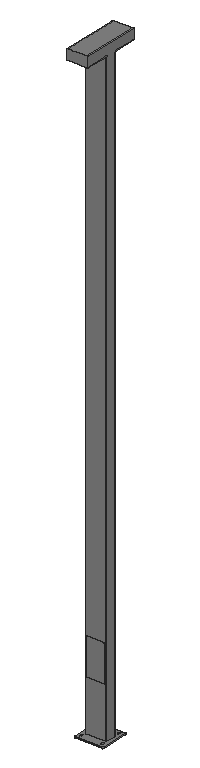
Revit family "Супремус В", category Осветительные приборы, Revit 2019 (continued)
Types (7, lengths in mm): name | Файл фотометрической сетки | built-in parameter 1150105 | Lumens | built-in parameter 1150106 | built-in parameter 1150142 | Wattage | L_общая рассеиватели | ADSK_Фактическая мощность | ADSK_Размер_Высота | ADSK_Номинальная мощность | ADSK_Наименование | ADSK_Масса_Текст | ADSK_Масса | ADSK_Артикул | 2
    0.0 0.0 0.0 0.0 0.0 0.0 0.0 0.0 0.0 0.0 0.0 0.0 0.0 0.0 0.0 0.0 0.0 0.0 0.0 0.0 0.0\r\n 0.0 0.0 0.0 0.0 0.0 0.0 0.0 0.0 0.0 0.0 0.0 0.0 0.0 0.0 0.0 0.0 0.0 0.0 0.0 0.0 0.0 0.0 0.0 0.0 0.0 0.0 0.0 0.0 0.0 0.0 0.0 0.0\r\n 0.0 0.0 0.0 0.0 0.0\r\n275.6 273.7 271.8 269.8 267.9 265.9 264.0 262.0 260.0 257.9 255.6 253.3 251.0 248.8 246.1 243.5 240.4 237.2 233.8 230.1 226.8\r\n 223.3 220.1 217.1 214.2 211.4 209.0 206.5 203.6 200.6 197.6 194.5 191.5 188.3 185.1 181.9 178.6 175.4 171.7 167.9 164.1 160.3\r\n 157.0 153.7 150.5 147.5 144.5 141.6 138.7 135.8 133.1 130.7 128.9 127.4 126.3 124.5 122.6 120.8 119.4 117.7 115.8 113.8 111.8\r\n 109.5 107.1 104.6 102.1 99.7 97.4 95.1 92.7 90.3 87.8 85.5 83.3 81.3 79.2 77.1 75.0 73.0 71.0 69.0 67.0 65.2 63.2 61.2 59.1 57.1\r\n 55.1 53.0 51.0 49.2 47.5 46.0 44.6 43.3 42.0 40.8 39.9 39.1 38.3 37.6 37.1 36.7 36.5 36.3 36.0 35.7 35.2 34.6 34.1 33.7 33.4 33.4\r\n 33.6 34.1 33.9 32.6 31.7 30.9 30.3 29.9 29.4 28.7 28.0 27.5 27.1 26.8 26.9 27.3 28.1 28.9 30.1 32.0 34.5 37.0 39.1 40.8 41.2 42.0\r\n 42.7 42.8 42.6 41.8 41.0 40.2 39.3 38.3 37.3 36.3 35.4 35.4 35.9 35.3 34.7 33.9 33.8 33.5 33.0 32.0 31.2 29.9 28.3 26.9 25.6 24.7\r\n 23.8 23.0 22.0 21.1 20.2 19.2 18.1 16.7 14.9 13.3 12.3 11.2 10.0 8.9 8.1 7.5 6.9 6.5 6.6 6.1 5.8 5.8 5.3 5.3 4.3 3.9 3.8 3.6 3.7\r\n 3.7 3.4 3.2 2.3 2.1 1.8 0.0 0.0 0.0 0.0 0.0 0.0 0.0 0.0 0.0 0.0 0.0 0.0 0.0 0.0 0.0 0.0 0.0 0.0 0.0 0.0 0.0 0.0 0.0 0.0 0.0 0.0\r\n 0.0 0.0 0.0 0.0 0.0 0.0 0.0 0.0 0.0 0.0 0.0 0.0 0.0 0.0 0.0 0.0 0.0 0.0 0.0 0.0 0.0 0.0 0.0 0.0 0.0 0.0 0.0 0.0 0.0 0.0 0.0 0.0\r\n 0.0 0.0 0.0 0.0 0.0 0.0 0.0 0.0 0.0 0.0 0.0 0.0 0.0 0.0 0.0 0.0 0.0 0.0 0.0 0.0 0.0 0.0 0.0 0.0 0.0 0.0 0.0 0.0 0.0 0.0 0.0 0.0\r\n 0.0 0.0 0.0 0.0 0.0 0.0 0.0 0.0 0.0 0.0 0.0 0.0 0.0 0.0 0.0 0.0 0.0 0.0 0.0 0.0 0.0 0.0 0.0 0.0 0.0 0.0 0.0 0.0 0.0 0.0 0.0 0.0\r\n 0.0 0.0 0.0 0.0 0.0 0.0 0.0 0.0 0.0 0.0 0.0 0.0 0.0 0.0 0.0 0.0 0.0 0.0 0.0 0.0 0.0 0.0 0.0 0.0 0.0 0.0 0.0 0.0 0.0 0.0 0.0 0.0\r\n 0.0 0.0 0.0 0.0 0.0 0.0\r\n275.6 274.0 272.1 270.3 268.4 266.6 264.6 262.9 261.0 259.1 257.1 254.9 252.7 250.4 248.0 245.7 243.1 240.2 237.2 234.1 230.9\r\n 227.5 224.1 221.0 218.1 215.2 212.5 210.1 207.6 205.1 202.5 199.5 196.8 194.1 191.3 188.5 185.6 182.6 179.7 176.8 173.7 170.4\r\n 167.1 163.7 160.4 157.2 154.4 151.6 149.0 146.4 143.9 141.5 139.1 136.7 134.5 132.4 130.5 129.1 127.6 126.3 125.0 123.7 122.2\r\n 120.7 119.1 117.3 115.4 113.4 111.3 109.2 107.0 104.7 102.5 100.4 98.3 96.1 93.9 91.6 89.3 87.0 84.8 82.6 80.5 78.5 76.6 74.8\r\n 73.0 71.3 69.4 67.4 65.5 63.7 61.8 60.1 58.4 56.6 54.7 53.1 51.6 50.4 49.3 48.3 47.3 46.3 45.5 45.1 44.6 44.0 43.7 43.2 42.7 42.4\r\n 41.9 41.5 41.0 40.5 40.5 40.8 41.1 40.8 40.2 39.6 38.9 38.4 38.0 37.7 37.4 37.1 36.7 36.3 36.0 35.9 36.1 36.5 37.0 37.5 38.7 40.3\r\n 41.7 42.9 43.7 45.3 47.0 48.8 49.4 49.4 49.3 48.6 47.4 46.0 44.8 43.9 42.8 41.3 40.0 38.5 37.7 37.3 36.5 35.8 34.9 33.8 32.3 30.4\r\n 28.6 26.8 25.2 23.6 22.1 20.8 19.6 18.4 17.2 16.0 14.3 12.4 11.0 9.8 8.5 7.3 6.5 6.0 5.5 5.1 4.9 4.9 4.8 4.7 4.4 4.0 3.5 3.3 3.2\r\n 3.2 3.0 2.9 2.7 2.1 2.0 1.7 1.5 0.0 0.0 0.0 0.0 0.0 0.0 0.0 0.0 0.0 0.0 0.0 0.0 0.0 0.0 0.0 0.0 0.0 0.0 0.0 0.0 0.0 0.0 0.0 0.0\r\n 0.0 0.0 0.0 0.0 0.0 0.0 0.0 0.0 0.0 0.0 0.0 0.0 0.0 0.0 0.0 0.0 0.0 0.0 0.0 0.0 0.0 0.0 0.0 0.0 0.0 0.0 0.0 0.0 0.0 0.0 0.0 0.0\r\n 0.0 0.0 0.0 0.0 0.0 0.0 0.0 0.0 0.0 0.0 0.0 0.0 0.0 0.0 0.0 0.0 0.0 0.0 0.0 0.0 0.0 0.0 0.0 0.0 0.0 0.0 0.0 0.0 0.0 0.0 0.0 0.0\r\n 0.0 0.0 0.0 0.0 0.0 0.0 0.0 0.0 0.0 0.0 0.0 0.0 0.0 0.0 0.0 0.0 0.0 0.0 0.0 0.0 0.0 0.0 0.0 0.0 0.0 0.0 0.0 0.0 0.0 0.0 0.0 0.0\r\n 0.0 0.0 0.0 0.0 0.0 0.0 0.0 0.0 0.0 0.0 0.0 0.0 0.0 0.0 0.0 0.0 0.0 0.0 0.0 0.0 0.0 0.0 0.0 0.0 0.0 0.0 0.0 0.0 0.0 0.0 0.0 0.0\r\n 0.0 0.0 0.0 0.0 0.0 0.0 0.0 0.0\r\n275.6 274.1 272.5 270.6 269.1 267.3 265.5 264.1 262.1 260.4 258.7 256.7 254.6 252.5 250.2 248.0 245.9 243.5 241.0 238.4 235.6\r\n 232.7 229.7 226.6 223.5 220.5 217.8 215.0 212.3 209.8 207.4 205.1 202.8 200.4 197.9 195.4 193.0 190.5 188.1 185.7 183.1 180.5\r\n 177.9 175.1 172.5 169.8 167.1 164.3 161.6 158.9 156.3 153.9 151.7 149.6 147.9 146.2 144.6 142.7 141.1 139.4 137.8 136.4 134.8\r\n 133.4 132.3 131.1 129.6 128.1 126.7 125.0 123.3 121.8 120.0 118.2 116.4 114.5 112.6 110.8 109.1 107.4 105.8 104.2 102.6 101.0\r\n 99.4 97.8 96.1 94.5 92.6 90.8 89.1 87.3 85.7 84.1 82.3 80.6 79.0 77.5 76.1 74.8 73.5 72.4 71.5 70.4 69.1 68.2 67.1 66.2 65.2 64.3\r\n 63.5 62.8 62.0 61.3 60.8 60.4 60.2 60.0 59.7 59.5 59.3 58.8 58.6 58.4 57.8 57.2 56.7 56.2 55.7 55.2 54.5 53.9 53.3 53.0 52.7 52.5\r\n 52.5 52.4 52.3 52.4 52.9 53.4 53.9 54.8 56.1 57.5 58.5 59.5 60.3 61.2 61.2 61.1 60.8 60.0 58.4 55.4 52.5 50.2 48.1 45.9 43.5 40.9\r\n 38.5 36.2 33.8 31.6 29.6 27.6 25.6 23.7 21.8 19.9 18.4 17.0 15.5 14.0 11.9 9.9 8.8 7.7 6.9 6.1 5.5 5.1 4.7 4.5 4.7 4.7 4.3 3.7\r\n 3.3 3.0 3.2 3.0 2.7 2.4 2.0 1.9 1.6 1.4 1.3 0.0 0.0 0.0 0.0 0.0 0.0 0.0 0.0 0.0 0.0 0.0 0.0 0.0 0.0 0.0 0.0 0.0 0.0 0.0 0.0 0.0\r\n 0.0 0.0 0.0 0.0 0.0 0.0 0.0 0.0 0.0 0.0 0.0 0.0 0.0 0.0 0.0 0.0 0.0 0.0 0.0 0.0 0.0 0.0 0.0 0.0 0.0 0.0 0.0 0.0 0.0 0.0 0.0 0.0\r\n 0.0 0.0 0.0 0.0 0.0 0.0 0.0 0.0 0.0 0.0 0.0 0.0 0.0 0.0 0.0 0.0 0.0 0.0 0.0 0.0 0.0 0.0 0.0 0.0 0.0 0.0 0.0 0.0 0.0 0.0 0.0 0.0\r\n 0.0 0.0 0.0 0.0 0.0 0.0 0.0 0.0 0.0 0.0 0.0 0.0 0.0 0.0 0.0 0.0 0.0 0.0 0.0 0.0 0.0 0.0 0.0 0.0 0.0 0.0 0.0 0.0 0.0 0.0 0.0 0.0\r\n 0.0 0.0 0.0 0.0 0.0 0.0 0.0 0.0 0.0 0.0 0.0 0.0 0.0 0.0 0.0 0.0 0.0 0.0 0.0 0.0 0.0 0.0 0.0 0.0 0.0 0.0 0.0 0.0 0.0 0.0 0.0 0.0\r\n 0.0 0.0 0.0 0.0 0.0 0.0 0.0 0.0 0.0 0.0 0.0\r\n275.6 274.2 272.7 271.1 269.7 268.1 266.5 264.9 263.4 261.7 260.1 258.5 256.5 254.6 252.6 250.5 248.5 246.5 244.4 242.2 239.9\r\n 237.4 234.9 232.2 229.4 226.6 223.8 221.1 218.4 215.8 213.2 210.8 208.5 206.2 204.1 201.9 199.9 197.7 195.3 193.2 191.2 188.9\r\n 187.1 185.2 183.2 181.2 179.1 177.0 174.9 173.0 171.0 169.2 167.5 165.7 164.0 162.3 160.8 159.3 157.9 156.6 155.2 154.2 153.1\r\n 151.8 150.5 149.3 148.0 146.6 145.1 143.4 141.6 139.9 138.2 136.8 135.5 134.4 133.3 132.3 131.3 130.1 129.0 127.8 126.6 125.2\r\n 123.8 122.4 121.0 119.6 118.2 116.8 115.6 114.6 113.1 111.9 110.5 109.6 108.3 107.1 106.2 105.5 104.5 103.3 102.3 101.4 100.4\r\n 99.3 98.1 97.1 95.9 94.8 93.8 92.9 92.0 91.4 90.7 90.2 89.6 89.1 88.5 88.0 87.8 87.5 87.4 87.5 87.2 86.8 86.9 86.5 85.9 85.5 85.1\r\n 84.8 84.5 84.2 83.8 83.3 82.6 82.2 81.9 81.3 80.9 80.7 80.1 79.8 79.5 79.2 78.0 76.8 75.6 74.2 72.3 69.7 67.1 63.8 60.6 55.9 50.9\r\n 46.6 42.4 38.5 35.5 33.1 30.8 29.0 27.5 26.3 25.4 24.4 23.6 22.7 21.6 20.7 20.0 19.0 18.1 16.9 15.5 13.4 11.1 9.5 7.9 6.8 6.0 5.3\r\n 4.7 4.2 3.8 3.4 3.4 3.2 3.3 2.9 2.8 2.6 2.3 2.0 1.7 1.5 1.4 1.2 1.2 0.0 0.0 0.0 0.0 0.0 0.0 0.0 0.0 0.0 0.0 0.0 0.0 0.0 0.0 0.0\r\n 0.0 0.0 0.0 0.0 0.0 0.0 0.0 0.0 0.0 0.0 0.0 0.0 0.0 0.0 0.0 0.0 0.0 0.0 0.0 0.0 0.0 0.0 0.0 0.0 0.0 0.0 0.0 0.0 0.0 0.0 0.0 0.0\r\n 0.0 0.0 0.0 0.0 0.0 0.0 0.0 0.0 0.0 0.0 0.0 0.0 0.0 0.0 0.0 0.0 0.0 0.0 0.0 0.0 0.0 0.0 0.0 0.0 0.0 0.0 0.0 0.0 0.0 0.0 0.0 0.0\r\n 0.0 0.0 0.0 0.0 0.0 0.0 0.0 0.0 0.0 0.0 0.0 0.0 0.0 0.0 0.0 0.0 0.0 0.0 0.0 0.0 0.0 0.0 0.0 0.0 0.0 0.0 0.0 0.0 0.0 0.0 0.0 0.0\r\n 0.0 0.0 0.0 0.0 0.0 0.0 0.0 0.0 0.0 0.0 0.0 0.0 0.0 0.0 0.0 0.0 0.0 0.0 0.0 0.0 0.0 0.0 0.0 0.0 0.0 0.0 0.0 0.0 0.0 0.0 0.0 0.0\r\n 0.0 0.0 0.0 0.0 0.0 0.0 0.0 0.0 0.0 0.0 0.0 0.0 0.0 0.0 0.0 0.0 0.0\r\n275.6 274.5 273.1 271.8 270.3 269.0 267.6 266.3 264.7 263.4 261.8 260.1 258.7 257.0 255.2 253.4 251.8 249.9 247.9 246.0 244.1\r\n 242.0 239.9 237.7 235.5 233.3 231.0 228.6 226.3 223.8 221.5 219.0 216.5 214.2 211.9 209.7 207.4 205.3 203.3 201.5 199.8 198.0\r\n 196.3 194.6 193.1 191.7 190.5 189.2 188.1 187.1 186.2 185.1 183.9 182.8 181.7 180.7 179.6 178.5 177.6 176.7 175.9 174.8 174.0\r\n 173.1 172.0 170.9 169.5 168.4 166.8 165.4 164.0 162.6 161.5 160.4 159.5 158.7 157.8 156.9 156.0 155.1 154.3 153.4 152.4 151.3\r\n 150.2 149.3 148.4 147.6 146.9 146.7 145.9 145.0 144.3 143.6 142.5 141.6 141.4 140.7 139.8 138.8 137.9 137.0 135.8 134.8 133.9\r\n 133.0 132.1 131.3 130.5 129.8 129.1 128.4 127.9 127.5 127.1 126.7 126.6 126.4 126.3 126.0 125.8 125.5 125.1 125.0 124.8 124.1\r\n 123.4 122.7 122.2 121.7 121.3 121.1 120.6 120.0 119.3 118.6 118.0 117.0 115.8 114.3 112.6 110.5 107.9 104.6 100.9 97.1 93.2 89.6\r\n 85.0 79.4 74.0 69.0 63.4 56.9 50.6 45.2 40.6 37.4 35.3 33.5 32.1 30.9 30.1 29.4 28.7 27.9 26.9 25.6 24.1 22.6 20.9 19.1 17.5 16.1\r\n 14.7 13.3 11.7 10.4 9.3 7.9 6.4 5.5 4.9 4.3 3.8 3.4 3.0 2.6 2.3 2.3 2.3 2.3 2.3 2.0 1.7 1.4 1.4 1.3 1.3 1.2 1.2 0.0 0.0 0.0 0.0\r\n 0.0 0.0 0.0 0.0 0.0 0.0 0.0 0.0 0.0 0.0 0.0 0.0 0.0 0.0 0.0 0.0 0.0 0.0 0.0 0.0 0.0 0.0 0.0 0.0 0.0 0.0 0.0 0.0 0.0 0.0 0.0 0.0\r\n 0.0 0.0 0.0 0.0 0.0 0.0 0.0 0.0 0.0 0.0 0.0 0.0 0.0 0.0 0.0 0.0 0.0 0.0 0.0 0.0 0.0 0.0 0.0 0.0 0.0 0.0 0.0 0.0 0.0 0.0 0.0 0.0\r\n 0.0 0.0 0.0 0.0 0.0 0.0 0.0 0.0 0.0 0.0 0.0 0.0 0.0 0.0 0.0 0.0 0.0 0.0 0.0 0.0 0.0 0.0 0.0 0.0 0.0 0.0 0.0 0.0 0.0 0.0 0.0 0.0\r\n 0.0 0.0 0.0 0.0 0.0 0.0 0.0 0.0 0.0 0.0 0.0 0.0 0.0 0.0 0.0 0.0 0.0 0.0 0.0 0.0 0.0 0.0 0.0 0.0 0.0 0.0 0.0 0.0 0.0 0.0 0.0 0.0\r\n 0.0 0.0 0.0 0.0 0.0 0.0 0.0 0.0 0.0 0.0 0.0 0.0 0.0 0.0 0.0 0.0 0.0 0.0 0.0 0.0 0.0 0.0 0.0 0.0 0.0 0.0 0.0 0.0\r\n275.6 274.6 273.5 272.3 271.1 269.8 268.7 267.3 266.1 264.8 263.5 261.9 260.6 259.2 257.7 256.3 254.8 253.2 251.7 250.0 248.2\r\n 246.4 244.5 242.6 240.7 238.9 237.2 235.3 233.4 231.6 229.6 227.4 225.3 223.1 221.1 219.3 217.2 215.3 213.5 211.6 210.0 208.4\r\n 206.9 205.7 204.4 203.3 202.3 201.3 200.4 199.6 199.1 198.7 198.2 197.7 197.3 196.7 196.4 195.9 195.6 195.3 195.2 194.9 194.3\r\n 193.7 193.2 192.6 191.7 191.0 190.3 189.5 188.8 188.1 187.4 186.9 186.2 185.8 185.2 184.6 184.1 183.4 182.9 182.4 182.0 181.5\r\n 181.2 180.9 180.7 180.8 180.8 180.1 179.4 179.1 178.7 178.4 178.5 178.4 177.6 176.8 176.2 175.4 174.3 173.3 172.4 171.8 171.2\r\n 170.6 170.1 169.6 169.3 169.0 168.7 168.4 168.1 167.9 167.8 167.6 167.5 167.5 167.4 167.2 167.0 166.6 166.2 165.8 165.4 164.8\r\n 164.4 164.2 164.0 163.6 163.1 162.4 161.6 160.3 159.0 157.3 155.4 153.1 150.1 146.5 142.0 137.0 132.0 126.4 119.6 112.2 104.8\r\n 97.6 90.1 83.2 76.7 71.3 66.4 63.0 59.7 57.8 56.7 55.2 53.5 51.5 48.9 46.0 42.6 39.0 35.1 31.3 27.8 24.6 21.8 19.0 16.6 14.5 12.7\r\n 11.2 9.8 8.6 7.5 6.6 5.9 5.3 4.5 3.7 3.3 3.1 2.9 2.6 2.3 2.1 2.0 1.9 1.7 1.5 1.4 1.3 1.2 1.1 1.1 1.1 1.2 1.2 1.2 0.0 0.0 0.0 0.0\r\n 0.0 0.0 0.0 0.0 0.0 0.0 0.0 0.0 0.0 0.0 0.0 0.0 0.0 0.0 0.0 0.0 0.0 0.0 0.0 0.0 0.0 0.0 0.0 0.0 0.0 0.0 0.0 0.0 0.0 0.0 0.0 0.0\r\n 0.0 0.0 0.0 0.0 0.0 0.0 0.0 0.0 0.0 0.0 0.0 0.0 0.0 0.0 0.0 0.0 0.0 0.0 0.0 0.0 0.0 0.0 0.0 0.0 0.0 0.0 0.0 0.0 0.0 0.0 0.0 0.0\r\n 0.0 0.0 0.0 0.0 0.0 0.0 0.0 0.0 0.0 0.0 0.0 0.0 0.0 0.0 0.0 0.0 0.0 0.0 0.0 0.0 0.0 0.0 0.0 0.0 0.0 0.0 0.0 0.0 0.0 0.0 0.0 0.0\r\n 0.0 0.0 0.0 0.0 0.0 0.0 0.0 0.0 0.0 0.0 0.0 0.0 0.0 0.0 0.0 0.0 0.0 0.0 0.0 0.0 0.0 0.0 0.0 0.0 0.0 0.0 0.0 0.0 0.0 0.0 0.0 0.0\r\n 0.0 0.0 0.0 0.0 0.0 0.0 0.0 0.0 0.0 0.0 0.0 0.0 0.0 0.0 0.0 0.0 0.0 0.0 0.0 0.0 0.0 0.0 0.0 0.0 0.0 0.0 0.0 0.0\r\n275.6 274.9 273.9 272.9 272.0 270.8 269.8 268.8 267.7 266.6 265.4 264.1 262.9 261.6 260.3 259.1 257.8 256.6 255.2 253.9 252.5\r\n 251.0 249.6 247.9 246.4 244.8 243.2 241.7 240.0 238.2 236.9 235.3 233.9 232.6 231.1 229.8 228.3 227.1 225.6 224.3 223.0 222.0\r\n 220.7 219.7 218.6 217.8 216.9 216.0 215.4 214.7 214.0 213.5 213.1 212.6 212.3 211.7 211.4 211.3 211.2 211.1 211.0 210.8 210.8\r\n 210.8 210.7 210.7 210.6 210.8 210.8 210.8 210.9 211.1 211.3 211.4 211.5 211.5 211.5 211.4 211.4 211.5 211.7 211.9 211.9 212.1\r\n 212.3 212.6 213.2 213.5 213.4 213.3 213.4 213.4 213.8 214.1 213.9 213.2 212.9 212.5 211.9 211.5 211.3 211.1 211.0 210.9 210.9\r\n 210.9 210.8 210.8 210.8 210.8 210.9 211.0 211.0 211.1 211.3 211.7 212.3 212.9 213.3 213.6 214.1 214.4 214.6 214.7 214.8 214.7\r\n 214.4 214.2 213.8 213.2 211.9 210.0 207.8 204.8 201.7 198.5 194.3 189.5 184.1 178.3 172.2 165.8 157.9 150.2 142.1 134.7 127.3\r\n 119.8 112.4 106.8 103.0 100.5 98.7 97.7 96.6 94.1 89.8 83.3 75.8 67.4 59.0 50.9 42.7 35.4 29.7 25.2 21.8 18.9 16.4 14.1 12.1 10.4\r\n 9.0 8.0 7.0 6.3 5.6 4.9 4.2 3.7 3.4 3.2 3.1 3.0 2.6 2.3 2.1 2.0 1.8 1.6 1.4 1.2 1.1 1.1 1.1 1.1 1.1 1.1 1.2 1.2 1.2 0.0 0.0 0.0\r\n 0.0 0.0 0.0 0.0 0.0 0.0 0.0 0.0 0.0 0.0 0.0 0.0 0.0 0.0 0.0 0.0 0.0 0.0 0.0 0.0 0.0 0.0 0.0 0.0 0.0 0.0 0.0 0.0 0.0 0.0 0.0 0.0\r\n 0.0 0.0 0.0 0.0 0.0 0.0 0.0 0.0 0.0 0.0 0.0 0.0 0.0 0.0 0.0 0.0 0.0 0.0 0.0 0.0 0.0 0.0 0.0 0.0 0.0 0.0 0.0 0.0 0.0 0.0 0.0 0.0\r\n 0.0 0.0 0.0 0.0 0.0 0.0 0.0 0.0 0.0 0.0 0.0 0.0 0.0 0.0 0.0 0.0 0.0 0.0 0.0 0.0 0.0 0.0 0.0 0.0 0.0 0.0 0.0 0.0 0.0 0.0 0.0 0.0\r\n 0.0 0.0 0.0 0.0 0.0 0.0 0.0 0.0 0.0 0.0 0.0 0.0 0.0 0.0 0.0 0.0 0.0 0.0 0.0 0.0 0.0 0.0 0.0 0.0 0.0 0.0 0.0 0.0 0.0 0.0 0.0 0.0\r\n 0.0 0.0 0.0 0.0 0.0 0.0 0.0 0.0 0.0 0.0 0.0 0.0 0.0 0.0 0.0 0.0 0.0 0.0 0.0 0.0 0.0 0.0 0.0 0.0 0.0 0.0 0.0 0.0 0.0\r\n275.6 275.1 274.4 273.6 272.7 271.8 271.0 270.0 269.2 268.1 267.0 266.1 265.0 264.0 262.9 261.9 260.7 259.6 258.5 257.4 256.1\r\n 254.9 253.8 252.4 251.3 250.1 248.9 247.6 246.5 245.2 244.0 242.8 241.9 240.9 239.9 239.2 238.2 237.3 236.6 235.9 235.3 234.8\r\n 234.4 233.9 233.5 233.1 232.9 232.5 231.9 231.4 231.1 230.6 230.3 229.9 229.6 229.4 229.3 228.9 228.8 228.6 228.4 228.4 228.5\r\n 228.6 228.7 229.1 229.5 229.9 230.2 230.7 231.0 231.6 232.2 232.7 233.1 233.6 234.2 234.7 235.3 235.9 236.4 237.0 237.6 238.4\r\n 239.4 240.8 241.7 242.1 242.5 243.2 244.1 245.1 245.5 245.4 245.4 245.5 245.4 245.5 245.8 245.9 246.1 246.5 246.8 247.3 247.7\r\n 248.0 248.5 249.0 249.3 249.7 249.8 250.3 251.0 251.9 252.8 253.8 254.7 255.6 256.4 256.7 256.9 256.7 256.4 256.1 256.1 256.0\r\n 255.6 254.6 252.8 250.7 248.2 244.7 240.1 235.1 230.0 225.0 220.1 215.3 210.0 204.1 198.6 192.8 186.7 180.9 175.4 169.7 164.5\r\n 160.1 156.9 155.3 154.2 151.0 146.1 139.0 128.6 115.3 100.4 85.0 70.6 60.0 49.4 38.7 32.0 27.0 22.7 18.9 15.7 13.2 11.2 9.7 8.5\r\n 7.6 6.8 6.0 5.4 4.7 4.2 3.6 3.2 3.0 2.9 2.8 2.6 2.5 2.4 2.2 1.8 1.6 1.4 1.2 1.1 1.0 1.0 1.0 1.0 1.0 1.1 1.1 1.1 1.2 1.2 0.0 0.0\r\n 0.0 0.0 0.0 0.0 0.0 0.0 0.0 0.0 0.0 0.0 0.0 0.0 0.0 0.0 0.0 0.0 0.0 0.0 0.0 0.0 0.0 0.0 0.0 0.0 0.0 0.0 0.0 0.0 0.0 0.0 0.0 0.0\r\n 0.0 0.0 0.0 0.0 0.0 0.0 0.0 0.0 0.0 0.0 0.0 0.0 0.0 0.0 0.0 0.0 0.0 0.0 0.0 0.0 0.0 0.0 0.0 0.0 0.0 0.0 0.0 0.0 0.0 0.0 0.0 0.0\r\n 0.0 0.0 0.0 0.0 0.0 0.0 0.0 0.0 0.0 0.0 0.0 0.0 0.0 0.0 0.0 0.0 0.0 0.0 0.0 0.0 0.0 0.0 0.0 0.0 0.0 0.0 0.0 0.0 0.0 0.0 0.0 0.0\r\n 0.0 0.0 0.0 0.0 0.0 0.0 0.0 0.0 0.0 0.0 0.0 0.0 0.0 0.0 0.0 0.0 0.0 0.0 0.0 0.0 0.0 0.0 0.0 0.0 0.0 0.0 0.0 0.0 0.0 0.0 0.0 0.0\r\n 0.0 0.0 0.0 0.0 0.0 0.0 0.0 0.0 0.0 0.0 0.0 0.0 0.0 0.0 0.0 0.0 0.0 0.0 0.0 0.0 0.0 0.0 0.0 0.0 0.0 0.0 0.0 0.0 0.0 0.0\r\n275.6 275.2 274.7 274.0 273.6 272.9 272.1 271.5 270.5 269.8 269.0 268.1 267.3 266.4 265.5 264.6 263.9 262.9 261.9 260.8 259.8\r\n 258.7 257.7 256.8 255.7 254.7 253.9 252.9 252.1 251.1 250.4 249.9 249.3 248.6 248.3 247.7 247.1 246.8 246.5 246.5 246.4 246.4\r\n 246.5 246.4 246.3 246.3 246.5 246.4 246.5 246.5 246.5 246.6 246.7 246.8 247.0 247.1 247.1 247.4 247.4 247.5 247.8 248.1 248.3\r\n 248.5 249.0 249.6 250.1 250.6 251.1 251.8 252.3 252.9 253.4 254.0 254.5 255.1 255.8 256.6 257.5 258.5 259.2 260.2 261.2 262.3\r\n 263.9 265.3 266.2 267.0 268.1 269.6 270.6 271.2 271.4 271.5 271.8 272.0 272.3 272.5 273.3 274.0 274.5 275.0 275.6 276.3 276.7\r\n 277.1 277.9 278.8 279.5 280.4 281.8 283.0 284.6 286.3 287.6 289.1 290.4 291.3 291.9 291.9 291.5 291.2 290.7 290.2 289.9 289.3\r\n 288.0 285.8 283.5 280.5 276.5 272.0 267.1 262.2 257.7 253.3 249.0 244.7 240.4 236.4 232.4 227.6 223.2 219.0 215.4 211.7 207.3\r\n 203.7 200.0 195.1 188.1 178.8 166.6 151.4 132.7 113.9 95.4 80.5 67.6 54.9 43.4 33.3 26.0 20.5 16.7 13.8 11.8 10.1 8.9 7.9 7.1 6.4\r\n 5.9 5.4 5.0 4.4 3.8 3.3 3.0 2.8 2.7 2.6 2.6 2.6 2.6 2.1 1.7 1.5 1.3 1.1 1.1 1.0 1.0 1.0 1.0 1.0 1.1 1.1 1.1 1.2 1.2 0.0 0.0 0.0\r\n 0.0 0.0 0.0 0.0 0.0 0.0 0.0 0.0 0.0 0.0 0.0 0.0 0.0 0.0 0.0 0.0 0.0 0.0 0.0 0.0 0.0 0.0 0.0 0.0 0.0 0.0 0.0 0.0 0.0 0.0 0.0 0.0\r\n 0.0 0.0 0.0 0.0 0.0 0.0 0.0 0.0 0.0 0.0 0.0 0.0 0.0 0.0 0.0 0.0 0.0 0.0 0.0 0.0 0.0 0.0 0.0 0.0 0.0 0.0 0.0 0.0 0.0 0.0 0.0 0.0\r\n 0.0 0.0 0.0 0.0 0.0 0.0 0.0 0.0 0.0 0.0 0.0 0.0 0.0 0.0 0.0 0.0 0.0 0.0 0.0 0.0 0.0 0.0 0.0 0.0 0.0 0.0 0.0 0.0 0.0 0.0 0.0 0.0\r\n 0.0 0.0 0.0 0.0 0.0 0.0 0.0 0.0 0.0 0.0 0.0 0.0 0.0 0.0 0.0 0.0 0.0 0.0 0.0 0.0 0.0 0.0 0.0 0.0 0.0 0.0 0.0 0.0
     0.0 0.0 0.0 0.0\r\n 0.0 0.0 0.0 0.0 0.0 0.0 0.0 0.0 0.0 0.0 0.0 0.0 0.0 0.0 0.0 0.0 0.0 0.0 0.0 0.0 0.0 0.0 0.0 0.0 0.0 0.0 0.0 0.0 0.0\r\n275.6 275.4 275.1 274.8 274.3 273.9 273.4 272.8 272.2 271.6 271.0 270.2 269.6 268.9 268.3 267.4 266.8 266.0 265.2 264.3 263.6\r\n 262.5 261.6 260.8 260.1 259.4 258.7 257.9 257.5 256.9 256.4 256.1 255.6 255.4 255.2 255.0 254.8 254.8 255.1 255.4 255.5 255.6\r\n 255.9 256.3 256.7 257.0 257.3 257.7 258.1 258.5 259.1 259.6 260.2 260.6 261.3 261.8 262.3 262.9 263.8 264.5 265.2 266.2 267.0\r\n 267.8 268.9 269.7 270.6 271.5 272.4 273.5 274.4 275.4 276.5 277.3 278.4 279.3 280.2 281.2 282.0 283.2 284.3 285.5 287.0 288.7\r\n 290.5 291.5 292.5 293.7 295.1 296.5 297.0 297.2 297.6 298.1 298.4 298.7 299.1 299.6 300.3 300.8 301.5 302.4 303.4 304.4 305.4\r\n 306.6 308.2 309.8 311.5 313.4 315.4 317.1 319.1 320.9 322.0 323.0 323.8 323.9 323.6 323.1 322.1 321.3 320.3 319.5 318.7 317.1\r\n 314.7 311.8 308.0 304.1 300.1 295.5 290.8 285.9 281.1 276.6 272.5 268.3 263.8 259.4 255.0 251.1 247.7 244.5 240.8 236.0 231.1\r\n 225.1 217.4 207.1 195.4 181.5 164.8 146.3 126.2 105.9 88.8 73.9 60.6 47.4 34.1 25.5 19.7 15.8 13.0 11.5 10.2 9.2 8.5 7.8 7.0 6.3\r\n 5.7 5.1 4.5 4.1 3.5 3.0 2.7 2.5 2.4 2.3 2.2 2.1 1.9 1.8 1.7 1.5 1.3 1.2 1.1 1.0 0.9 0.9 0.9 1.0 1.0 1.0 1.0 1.1 1.1 0.0 0.0 0.0\r\n 0.0 0.0 0.0 0.0 0.0 0.0 0.0 0.0 0.0 0.0 0.0 0.0 0.0 0.0 0.0 0.0 0.0 0.0 0.0 0.0 0.0 0.0 0.0 0.0 0.0 0.0 0.0 0.0 0.0 0.0 0.0 0.0\r\n 0.0 0.0 0.0 0.0 0.0 0.0 0.0 0.0 0.0 0.0 0.0 0.0 0.0 0.0 0.0 0.0 0.0 0.0 0.0 0.0 0.0 0.0 0.0 0.0 0.0 0.0 0.0 0.0 0.0 0.0 0.0 0.0\r\n 0.0 0.0 0.0 0.0 0.0 0.0 0.0 0.0 0.0 0.0 0.0 0.0 0.0 0.0 0.0 0.0 0.0 0.0 0.0 0.0 0.0 0.0 0.0 0.0 0.0 0.0 0.0 0.0 0.0 0.0 0.0 0.0\r\n 0.0 0.0 0.0 0.0 0.0 0.0 0.0 0.0 0.0 0.0 0.0 0.0 0.0 0.0 0.0 0.0 0.0 0.0 0.0 0.0 0.0 0.0 0.0 0.0 0.0 0.0 0.0 0.0 0.0 0.0 0.0 0.0\r\n 0.0 0.0 0.0 0.0 0.0 0.0 0.0 0.0 0.0 0.0 0.0 0.0 0.0 0.0 0.0 0.0 0.0 0.0 0.0 0.0 0.0 0.0 0.0 0.0 0.0 0.0 0.0 0.0 0.0\r\n275.6 275.6 275.4 275.4 275.1 275.0 274.6 274.5 274.0 273.6 273.1 272.6 272.1 271.6 271.2 270.5 269.9 269.3 268.8 268.0 267.4\r\n 266.9 266.3 265.6 265.0 264.5 264.1 263.6 263.2 263.0 262.7 262.5 262.4 262.4 262.3 262.4 262.5 262.8 263.1 263.2 263.6 264.1\r\n 264.6 265.1 265.7 266.3 266.8 267.5 268.0 268.6 269.3 270.0 270.6 271.4 272.2 272.9 274.0 274.8 275.8 276.8 277.9 279.0 280.1\r\n 281.1 282.3 283.5 284.7 286.1 287.2 288.5 289.8 291.2 292.5 294.0 295.6 296.9 298.3 299.9 301.1 302.3 303.8 305.3 307.0 309.2\r\n 310.7 312.1 313.4 315.4 317.5 318.3 318.9 319.8 320.8 321.9 322.8 323.7 324.9 326.2 327.1 328.4 329.9 331.5 333.0 334.7 336.5\r\n 338.5 340.6 342.9 345.1 347.3 349.5 351.3 352.7 353.8 354.6 355.1 355.0 354.6 353.9 353.3 352.9 352.1 350.9 350.0 348.7 346.8\r\n 343.7 340.1 336.0 332.0 328.1 323.5 318.6 314.1 309.6 304.7 300.3 295.5 290.9 286.8 283.6 281.0 278.4 276.0 271.5 265.0 257.4\r\n 247.6 235.1 220.3 205.5 189.6 171.6 151.8 130.1 108.8 90.3 73.3 59.4 45.5 31.5 24.0 18.8 15.4 13.3 11.9 10.7 9.6 8.8 7.9 7.1 6.4\r\n 5.7 5.1 4.4 3.8 3.2 2.6 2.3 2.0 2.0 2.0 2.0 2.0 1.8 1.8 1.6 1.5 1.3 1.1 1.1 1.0 0.9 0.9 0.9 0.9 0.9 0.9 1.0 1.0 1.0 0.0 0.0 0.0\r\n 0.0 0.0 0.0 0.0 0.0 0.0 0.0 0.0 0.0 0.0 0.0 0.0 0.0 0.0 0.0 0.0 0.0 0.0 0.0 0.0 0.0 0.0 0.0 0.0 0.0 0.0 0.0 0.0 0.0 0.0 0.0 0.0\r\n 0.0 0.0 0.0 0.0 0.0 0.0 0.0 0.0 0.0 0.0 0.0 0.0 0.0 0.0 0.0 0.0 0.0 0.0 0.0 0.0 0.0 0.0 0.0 0.0 0.0 0.0 0.0 0.0 0.0 0.0 0.0 0.0\r\n 0.0 0.0 0.0 0.0 0.0 0.0 0.0 0.0 0.0 0.0 0.0 0.0 0.0 0.0 0.0 0.0 0.0 0.0 0.0 0.0 0.0 0.0 0.0 0.0 0.0 0.0 0.0 0.0 0.0 0.0 0.0 0.0\r\n 0.0 0.0 0.0 0.0 0.0 0.0 0.0 0.0 0.0 0.0 0.0 0.0 0.0 0.0 0.0 0.0 0.0 0.0 0.0 0.0 0.0 0.0 0.0 0.0 0.0 0.0 0.0 0.0 0.0 0.0 0.0 0.0\r\n 0.0 0.0 0.0 0.0 0.0 0.0 0.0 0.0 0.0 0.0 0.0 0.0 0.0 0.0 0.0 0.0 0.0 0.0 0.0 0.0 0.0 0.0 0.0 0.0 0.0 0.0 0.0 0.0 0.0\r\n" | 59.2425 W | 550 | 77.8 W | 4000 | 80 W | "ДТУ121с4 Светодиодный светильник Супремус-B ДТУ-121-AF-ДТУП1211(40Вт)+ДТУП1211(40Вт)-4.0" | "90" | 90 | "ДТУ121с4" | yes
